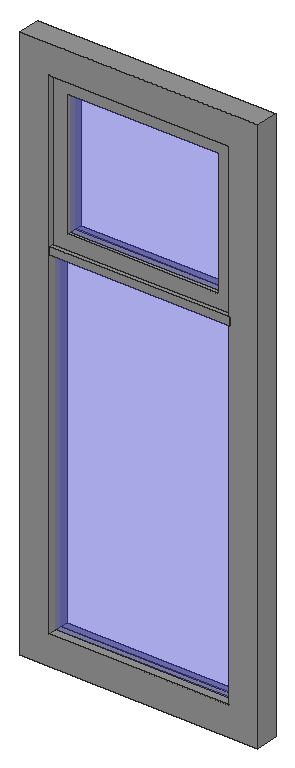
Revit family "Family69", category Windows, host Wall, Revit 2018
Family settings
  Host = Wall
  OmniClass Number = 23.30.20.00
  OmniClass Title = Windows
  Always vertical = Yes
  Cut with Voids When Loaded = No
  Shared = No
  Room Calculation Point = No
Parameters
  Visual Light Transmittance = 0.81
  URL = "www.skywardwindows.co.za"
  Thermal Resistance (R) = 0.3196 (m²·K)/W
  Telephone = "021 276 1800"
  Solar Heat Gain Coefficient = 0.76
  Side Light Thickness = 84 mm
  Manufacturer = "Skyward Windows"
  Height = 2090 mm
  Heat Transfer Coefficient (U) = 3.1292 W/(m²·K)
  Glass Thickness = 4 mm
  Glass = Glass
  Frame = Window Frame
  Email Address = "info@skywardwindows.co.za"
  Default Sill Height = 100 mm
  Wall Closure = By host
  Width = 890 mm
  Company Address = "Charles Matthews Street Atlantis 7349"
  Analytic Construction = "Double glazing - domestic"
Reference planes
  plane 1 "Center (Front/Back)": y = 0
  plane 2 "Center (Left/Right)": x = 0
  plane 3 "Left": x = -445
  plane 4 "Right": x = 445
  plane 5 "Sill": z = 100
  plane 6 "Head": z = 2190
  plane 7 "Exterior": y = 100
  plane 8 "Interior": y = -100
Forms (mm)
  Extrusion 1, solid, material "Window Frame" <- "Frame"
    sketch origin (0, -100, 0) x (1, 0, 0) y (0, 0, 1)
      loop
        line (-445, 2190) -> (-445, 100) -> (445, 100) -> (445, 2190) -> (-445, 2190)
      loop
        line (-336, 209) -> (336, 209) -> (336, 2081) -> (-336, 2081) -> (-336, 209)
    from -142 to -58
  Extrusion 2, solid, material "Window Frame" <- "Frame"
    sketch origin (0, -100, 0) x (1, 0, 0) y (0, 0, 1)
      loop
        line (-281, 1560) -> (284.801, 1560) -> (284.801, 2031) -> (-281, 2031) -> (-281, 1560)
      loop
        line (-333.022, 2079.486) -> (-333.022, 1507.915) -> (333.973, 1507.915) -> (333.973, 2079.486) -> (-333.022, 2079.486)
    from -139.72 to -75.175
  Extrusion 3, solid, material "Window Frame" <- "Frame"
    sketch origin (4, -100, -117) x (1, 0, 0) y (0, 0, 1)
      loop
        line (336, 1597) -> (336, 1624.915) -> (-336, 1624.915) -> (-336, 1597) -> (336, 1597)
    from -142 to -58
  Extrusion 4, solid, material "Glass" <- "Glass"
    sketch origin (0, 0, 0) x (1, 0, 0) y (0, 1, 0)
      loop
        line (-336, 14) -> (-336, 10) -> (336, 10) -> (336, 14) -> (-336, 14)
      loop
        line (-336, -10) -> (-336, -14) -> (336, -14) -> (336, -10) -> (-336, -10)
    from 209 to 1480
  Extrusion 5, solid, material "Glass" <- "Glass"
    sketch origin (0, 0, 0) x (1, 0, 0) y (0, 1, 0)
      loop
        line (-281, 14) -> (-281, 10) -> (284.801, 10) -> (284.801, 14) -> (-281, 14)
      loop
        line (-281, -10) -> (-281, -14) -> (284.801, -14) -> (284.801, -10) -> (-281, -10)
    from 1560 to 2031
Lines and regions (mm)
  Opening 1
    outline origin (3500, -100, 0) x (1, 0, 0) y (0, 0, 1)
      loop
        line (-3055, 100) -> (-3055, 2190) -> (-3945, 2190) -> (-3945, 100) -> (-3055, 100)
Text (mm)
  text "EXTERIOR" at (-1963.203, 1332.353, 0), in view "Ref. Level"
  text "INTERIOR" at (-1981.466, -818.386, 0), in view "Ref. Level"
  text "Exterior" at (0, 923.751, 2943.296), in view "Right"
  text "Exterior" at (0, 1040.484, 2685.409), in view "Left"
Dimensions and locks
  equal spacing: plane 3 "Left", plane 2 "Center (Left/Right)", plane 4 "Right"
  "Width": plane 3 "Left" to plane 4 "Right"
  "Height": plane 5 "Sill" to plane 6 "Head"
  "Default Sill Height": plane 5 "Sill" to level
  locked: plane 7 "Exterior" to host wall at 0
  locked: plane 8 "Interior" to host wall
  "Side Light Thickness": Extrusion 1 to Extrusion 1
  "Glass Thickness": Extrusion 4 to Extrusion 4  (x2)
  aligned and locked: Extrusion 5 to Extrusion 2
  aligned and locked: Extrusion 4 to Extrusion 3
Automatic sketch dimensions
  Opening 1 sketch curve to plane 3 "Left" = 0 mm
  Opening 1 sketch curve to plane 4 "Right" = 0 mm
  Opening 1 sketch curve to plane 5 "Sill" = 0 mm
  Opening 1 sketch curve to plane 6 "Head" = 0 mm
  plane 3 "Left" to Extrusion 1 sketch curve = 0 mm
  plane 4 "Right" to Extrusion 1 sketch curve = 0 mm
  Extrusion 1 sketch curve to plane 5 "Sill" = 0 mm
  Extrusion 1 sketch curve to plane 6 "Head" = 0 mm
  Extrusion 1 sketch curve to plane 3 "Left" = 109 mm
  plane 4 "Right" to Extrusion 1 sketch curve = 109 mm
  Extrusion 1 sketch curve to plane 5 "Sill" = 109 mm
  plane 6 "Head" to Extrusion 1 sketch curve = 109 mm
  Extrusion 2 sketch curve to Extrusion 2 sketch curve = 52.022 mm
  Extrusion 2 sketch curve to plane 2 "Center (Left/Right)" = 284.801 mm
  Extrusion 2 sketch curve to Extrusion 2 sketch curve = 49.172 mm
  plane 6 "Head" to Extrusion 2 sketch curve = 682.085 mm
  Extrusion 2 sketch curve to Extrusion 2 sketch curve = 52.085 mm
  plane 6 "Head" to Extrusion 2 sketch curve = 159 mm
  Extrusion 2 sketch curve to Extrusion 2 sketch curve = 48.486 mm
  plane 2 "Center (Left/Right)" to Extrusion 2 sketch curve = 281 mm
  Extrusion 3 sketch curve to plane 3 "Left" = 113 mm
  plane 4 "Right" to Extrusion 3 sketch curve = 105 mm
  plane 6 "Head" to Extrusion 3 sketch curve = 710 mm
  Extrusion 3 sketch curve to Extrusion 3 sketch curve = 27.915 mm
  Extrusion 4 sketch curve to host wall = 14 mm
  Extrusion 4 sketch curve to plane 3 "Left" = 109 mm
  Extrusion 4 sketch curve to Extrusion 4 sketch curve = 0 mm  (x2)
  host wall to Extrusion 4 sketch curve = 10 mm
  plane 4 "Right" to Extrusion 4 sketch curve = 109 mm
  Extrusion 4 sketch curve to Extrusion 4 sketch curve = 4 mm  (x2)
  Extrusion 5 sketch curve to host wall = 14 mm
  plane 2 "Center (Left/Right)" to Extrusion 5 sketch curve = 281 mm
  Extrusion 5 sketch curve to Extrusion 5 sketch curve = 0 mm  (x2)
  host wall to Extrusion 5 sketch curve = 10 mm
  Extrusion 5 sketch curve to plane 2 "Center (Left/Right)" = 284.801 mm
  Extrusion 5 sketch curve to Extrusion 5 sketch curve = 4 mm  (x2)
